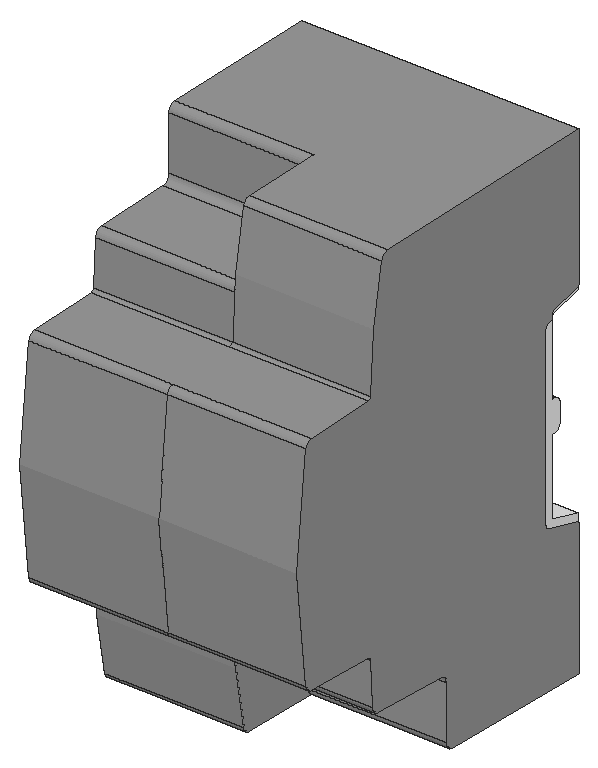
Revit family "BC_COMATEC_Alimentation-régulée-AL12-2DIN_LOD200", category Installations électriques, Revit 2017
Family settings
  Conserver l'orientation des annotations = Non
  Cote de connecteur circulaire = Utiliser le diamètre
  Type d'élément = Normal
  Numéro OmniClass = 23.80.00.00
  Titre OmniClass = Electric Power and Lighting
  Basée sur le plan de construction = Non
  Toujours verticalement = Oui
  Couper avec des vides une fois chargée = Non
  Partagée = Non
  Point de calcul de pièce = Non
Parameters (values of type "Alimentation régulée AL12/2DIN")
  Valeur Haute de la Plage de Tempérarure = 45 °C
  Valeur Basse de la Plage de Température = -10 °C
  Type de protection = "Surcharge d'entrée. Surcharge de sortie. Surtension de sortie. Court-circuits. Surtempérature"
  Type de Charge = "Générique"
  Type d'Alimentation = "à découpage type Flyback"
  Tension nominale de sortie = 12 V
  Tension de sortie maximum  = "SELV"
  Tension AC max = 240 V
  Tension AC Min = 100 V
  Temps d'installation = 0.05 h
  Signalement LED  = yes
  Sensibilité électromagnétique - EN55024 = "conforme"
  Rendement = 0.83
  Refroidissement = "Statique"
  Puissance de sortie  = 24 W
  Profondeur Hors Tout = 95 mm
  Plage d'Humidité de Fonctionnement = "0 à 90 %"
  Ondulation max de sortie = 90
  Norme de Sécurité = "EN62368"
  Nombre de modules = 3
  Modèle = "Alimentation régulée AL12/2DIN"
  Marque de Certification = "CE"
  Largeur Hors Tout = 53 mm
  Hauteur Hors Tout = 70 mm
  Fréquence minimale d'entrée  = 47 Hz
  Fréquence maximale d'entrée = 63 Hz
  Fabricant = "COMATEC"
  Emissions électromagnétiques - EN55032/B  = "conforme"
  Durée de Vie = 100000.0 h
  Directives RoHS - Dir. 2009/125/ECDir. 2011/65/EU Dir. 2015/863 EN50581 = "conforme"
  Directives ErP - Dir. 2011/65/EU Dir. 2015/863 EN50581 = "conforme"
  Description = "Alimentation éléctrique"
  Cycle d'utilisation = "Permanent"
  Courant à vide en entrée = 0.2
  Courant nominal en sortie = 2 A
  Courant d'absorption max en entrée = 0.6 A
  Courant d'Appel = 20 A
  Correction du facteur de puissance = no
  Consommation = 1.95 W
  Compatibilité électromagnétique - EN61000-3-2(3) = "conforme"
  Commentaires du type = "Rail-Din pour tableaux domotique"
  Assembly Code = ""
  Code Produit = "AL122DINRD"
  Classe d'isolation électrique = "Classe II"
  Altitude de Fonctionnement = 2000000 mm
Reference planes
  plane 1 "Centre (avant/arrière)": y = 0
  plane 2: z = 0
  plane 3 "Centre (gauche/droite)": x = 0
Forms (mm)
  Extrusion 1, solid, material "Plastique ABS"
    sketch origin (0, 0, 0.041) x (0, -1, 0) y (0, 0, -1)
      loop
        line (0, -47.459) -> (46.377, -46.649)
        arc (46.377, -46.649) -> (47.292, -46.318) -> (47.81, -45.495) r 1.5
        arc (47.81, -45.495) -> (49.795, -34.31) -> (50.499, -22.972) r 100
        arc (50.499, -22.972) -> (50.668, -22.557) -> (51.078, -22.375) r 0.6
        line (51.078, -22.375) -> (64.909, -21.892)
        arc (64.909, -21.892) -> (65.822, -21.542) -> (66.324, -20.704) r 1.5
        arc (66.324, -20.704) -> (68.5, 0.041) -> (66.324, 20.786) r 100
        arc (66.324, 20.786) -> (65.822, 21.624) -> (64.909, 21.974) r 1.5
        line (64.909, 21.974) -> (51.078, 22.457)
        arc (51.078, 22.457) -> (50.668, 22.639) -> (50.499, 23.054) r 0.6
        arc (50.499, 23.054) -> (50.385, 27.333) -> (50.089, 31.604) r 100
        arc (50.089, 31.604) -> (49.625, 32.557) -> (48.647, 32.967) r 1.5
        line (48.647, 32.967) -> (33.648, 33.491)
        arc (33.648, 33.491) -> (32.621, 33.948) -> (32.2, 34.99) r 1.5
        line (32.2, 34.99) -> (32.2, 45.505)
        arc (32.2, 45.505) -> (31.77, 46.556) -> (30.726, 47.005) r 1.5
        line (30.726, 47.005) -> (0, 47.541) -> (0, 21.54)
        arc (0, 21.54) -> (0.124, 21.175) -> (0.445, 20.96) r 0.6
        line (0.445, 20.96) -> (7.357, 19.108)
        arc (7.357, 19.108) -> (7.892, 18.751) -> (8.098, 18.142) r 1
        line (8.098, 18.142) -> (8.098, -15.872)
        arc (8.098, -15.872) -> (7.892, -16.48) -> (7.357, -16.838) r 1
        line (7.357, -16.838) -> (6.6, -17.04) -> (6.6, -17.88)
        arc (6.6, -17.88) -> (6.476, -18.245) -> (6.155, -18.46) r 0.6
        line (6.155, -18.46) -> (0.445, -19.99)
        arc (0.445, -19.99) -> (0.124, -20.204) -> (0, -20.569) r 0.6
        line (0, -20.569) -> (0, -47.459)
    from 0 to 27
  Extrusion 2, solid, material "Aluminium"
    sketch origin (0, 0, 46.541) x (0, -1, 0) y (0, 0, -1)
      loop
        arc (6.055, 64.445) -> (6.376, 64.231) -> (6.5, 63.866) r 0.6
        line (6.5, 63.866) -> (6.5, 49.557) -> (5.7, 49.557)
        arc (5.7, 49.557) -> (4.851, 49.206) -> (4.5, 48.357) r 1.2
        line (4.5, 48.357) -> (4.5, 44.757)
        arc (4.5, 44.757) -> (4.851, 43.909) -> (5.7, 43.557) r 1.2
        line (5.7, 43.557) -> (6.5, 43.557) -> (6.5, 29.258)
        arc (6.5, 29.258) -> (6.376, 28.892) -> (6.055, 28.678) r 0.6
        line (6.055, 28.678) -> (0, 27.055) -> (0, 25.931)
        arc (0, 25.931) -> (0.124, 26.296) -> (0.445, 26.51) r 0.6
        line (0.445, 26.51) -> (8.098, 28.561) -> (8.098, 64.642)
        arc (8.098, 64.642) -> (7.892, 65.251) -> (7.357, 65.608) r 1
        line (7.357, 65.608) -> (0.445, 67.46)
        arc (0.445, 67.46) -> (0.124, 67.675) -> (0, 68.04) r 0.6
        line (0, 68.04) -> (0, 66.068) -> (6.055, 64.445)
    from -26.9 to 26.9
  Extrusion 3, solid, material "Plastique ABS"
    sketch origin (4267.2, -0.3, -52.021) x (0, 0, 1) y (1, 0, 0)
      loop
        arc (-0.779, -4274.32) -> (-0.632, -4274.673) -> (-0.279, -4274.82) r 0.5
        line (-0.279, -4274.82) -> (0.555, -4274.82)
        arc (0.555, -4274.82) -> (0.912, -4274.675) -> (1.061, -4274.32) r 0.5
        line (1.061, -4274.32) -> (1.061, -4273.52)
        arc (1.061, -4273.52) -> (1.207, -4273.166) -> (1.561, -4273.02) r 0.5
        line (1.561, -4273.02) -> (2.718, -4273.02)
        arc (2.718, -4273.02) -> (3.072, -4273.166) -> (3.218, -4273.52) r 0.5
        line (3.218, -4273.52) -> (3.218, -4274.32)
        arc (3.218, -4274.32) -> (3.367, -4274.675) -> (3.724, -4274.82) r 0.5
        line (3.724, -4274.82) -> (4.656, -4274.82) -> (4.656, -4259.58) -> (3.724, -4259.58)
        arc (3.724, -4259.58) -> (3.367, -4259.725) -> (3.218, -4260.08) r 0.5
        line (3.218, -4260.08) -> (3.218, -4260.88)
        arc (3.218, -4260.88) -> (3.072, -4261.234) -> (2.718, -4261.38) r 0.5
        line (2.718, -4261.38) -> (1.561, -4261.38)
        arc (1.561, -4261.38) -> (1.207, -4261.234) -> (1.061, -4260.88) r 0.5
        line (1.061, -4260.88) -> (1.061, -4260.08)
        arc (1.061, -4260.08) -> (0.912, -4259.725) -> (0.555, -4259.58) r 0.5
        line (0.555, -4259.58) -> (-0.279, -4259.58)
        arc (-0.279, -4259.58) -> (-0.632, -4259.727) -> (-0.779, -4260.08) r 0.5
        line (-0.779, -4260.08) -> (-0.779, -4274.32)
      loop
        line (0.861, -4263.538) -> (0.861, -4270.855)
        arc (0.861, -4270.855) -> (1.007, -4271.209) -> (1.361, -4271.355) r 0.5
        line (1.361, -4271.355) -> (2.718, -4271.355)
        arc (2.718, -4271.355) -> (3.072, -4271.209) -> (3.218, -4270.855) r 0.5
        line (3.218, -4270.855) -> (3.218, -4263.545)
        arc (3.218, -4263.545) -> (3.072, -4263.191) -> (2.718, -4263.045) r 0.5
        line (2.718, -4263.045) -> (1.361, -4263.045)
        arc (1.361, -4263.045) -> (1.007, -4263.191) -> (0.861, -4263.538) r 0.5
    from 0 to -5.303
  Extrusion 4, solid, material "Plastique ABS"
    sketch origin (0, 0, 0.041) x (0, -1, 0) y (0, 0, -1)
      loop
        line (0, -47.459) -> (30.726, -46.923)
        arc (30.726, -46.923) -> (31.77, -46.474) -> (32.2, -45.423) r 1.5
        line (32.2, -45.423) -> (32.2, -34.907)
        arc (32.2, -34.907) -> (32.621, -33.865) -> (33.648, -33.408) r 1.5
        line (33.648, -33.408) -> (48.647, -32.885)
        arc (48.647, -32.885) -> (49.625, -32.475) -> (50.089, -31.521) r 1.5
        arc (50.089, -31.521) -> (50.385, -27.251) -> (50.499, -22.972) r 100
        arc (50.499, -22.972) -> (50.668, -22.557) -> (51.078, -22.375) r 0.6
        line (51.078, -22.375) -> (64.909, -21.892)
        arc (64.909, -21.892) -> (65.822, -21.542) -> (66.324, -20.704) r 1.5
        arc (66.324, -20.704) -> (68.5, 0.041) -> (66.324, 20.786) r 100
        arc (66.324, 20.786) -> (65.822, 21.624) -> (64.909, 21.974) r 1.5
        line (64.909, 21.974) -> (51.078, 22.457)
        arc (51.078, 22.457) -> (50.668, 22.639) -> (50.499, 23.054) r 0.6
        arc (50.499, 23.054) -> (49.795, 34.392) -> (47.81, 45.577) r 100
        arc (47.81, 45.577) -> (47.292, 46.4) -> (46.377, 46.732) r 1.5
        line (46.377, 46.732) -> (0, 47.541) -> (0, 21.54)
        arc (0, 21.54) -> (0.124, 21.175) -> (0.445, 20.96) r 0.6
        line (0.445, 20.96) -> (7.357, 19.108)
        arc (7.357, 19.108) -> (7.892, 18.751) -> (8.098, 18.142) r 1
        line (8.098, 18.142) -> (8.098, -15.872)
        arc (8.098, -15.872) -> (7.892, -16.48) -> (7.357, -16.838) r 1
        line (7.357, -16.838) -> (6.6, -17.04) -> (6.6, -17.88)
        arc (6.6, -17.88) -> (6.476, -18.245) -> (6.155, -18.46) r 0.6
        line (6.155, -18.46) -> (0.445, -19.99)
        arc (0.445, -19.99) -> (0.124, -20.204) -> (0, -20.569) r 0.6
        line (0, -20.569) -> (0, -47.459)
    from 0 to -27
  Extrusion 5, solid, not visible
    sketch origin (0, 0, -47.5) x (0, -0.999848, 0.017452) y (-1, 0, 0)
      loop
        circle (18.297, -16.01) r 1
    from 0 to -1
  Extrusion 6, solid, not visible
    sketch origin (0, 0, 47.5) x (0, -0.999848, -0.017452) y (1, 0, 0)
      loop
        circle (18.297, -15.968) r 1
    from 0 to -1
Cuts and joins
  joined: Extrusion 1, Extrusion 4
Lines and regions (mm)
  model lines
    curve 1: line (12.886, -32.2, -39.141) -> (9.092, -32.2, -39.141)
    curve 2: line (9.113, -32.2, -39.941) -> (12.907, -32.2, -39.941)
    curve 3: line (17.886, -32.2, -39.141) -> (14.092, -32.2, -39.141)
    curve 4: line (14.113, -32.2, -39.941) -> (17.907, -32.2, -39.941)
    curve 5: line (7.886, -32.2, -39.141) -> (4.092, -32.2, -39.141)
    curve 6: line (4.113, -32.2, -39.941) -> (7.907, -32.2, -39.941)
    curve 7: line (22.886, -32.2, -39.141) -> (19.092, -32.2, -39.141)
    curve 8: line (19.113, -32.2, -39.941) -> (22.907, -32.2, -39.941)
    curve 9: line (-12.886, -32.2, 39.141) -> (-9.092, -32.2, 39.141)
    curve 10: line (-9.113, -32.2, 39.941) -> (-12.907, -32.2, 39.941)
    curve 11: line (-7.886, -32.2, 39.141) -> (-4.092, -32.2, 39.141)
    curve 12: line (-4.113, -32.2, 39.941) -> (-7.907, -32.2, 39.941)
    curve 13: line (23.299, -13.507, -47.264) -> (3.701, -13.507, -47.264)
    curve 14: spline (23.999, -14.207, -47.252) -> (23.993, -14.115, -47.254) -> (23.975, -14.026, -47.255) -> (23.945, -13.939, -47.257) -> (23.905, -13.857, -47.258) -> (23.854, -13.781, -47.259) -> (23.794, -13.712, -47.261) -> (23.725, -13.652, -47.262) -> (23.649, -13.601, -47.263) -> (23.567, -13.56, -47.263) -> (23.48, -13.531, -47.264) -> (23.39, -13.513, -47.264) -> (23.299, -13.507, -47.264)
    curve 15: line (23.999, -21.663, -47.122) -> (23.999, -14.207, -47.252)
    curve 16: spline (23.299, -22.363, -47.11) -> (23.39, -22.357, -47.11) -> (23.48, -22.339, -47.11) -> (23.567, -22.31, -47.111) -> (23.649, -22.269, -47.111) -> (23.725, -22.218, -47.112) -> (23.794, -22.158, -47.113) -> (23.854, -22.089, -47.114) -> (23.905, -22.013, -47.116) -> (23.945, -21.931, -47.117) -> (23.975, -21.845, -47.119) -> (23.993, -21.755, -47.12) -> (23.999, -21.663, -47.122)
    curve 17: line (3.701, -22.363, -47.11) -> (23.299, -22.363, -47.11)
    curve 18: spline (3.701, -13.507, -47.264) -> (3.609, -13.513, -47.264) -> (3.519, -13.531, -47.264) -> (3.433, -13.56, -47.263) -> (3.351, -13.601, -47.263) -> (3.275, -13.652, -47.262) -> (3.206, -13.712, -47.261) -> (3.145, -13.781, -47.259) -> (3.094, -13.857, -47.258) -> (3.054, -13.939, -47.257) -> (3.024, -14.026, -47.255) -> (3.007, -14.115, -47.254) -> (3.001, -14.207, -47.252)
    curve 19: line (3.001, -14.207, -47.252) -> (3.001, -21.663, -47.122)
    curve 20: spline (3.001, -21.663, -47.122) -> (3.007, -21.755, -47.12) -> (3.024, -21.845, -47.119) -> (3.054, -21.931, -47.117) -> (3.094, -22.013, -47.116) -> (3.145, -22.089, -47.114) -> (3.206, -22.158, -47.113) -> (3.275, -22.218, -47.112) -> (3.351, -22.269, -47.111) -> (3.433, -22.31, -47.111) -> (3.519, -22.339, -47.11) -> (3.609, -22.357, -47.11) -> (3.701, -22.363, -47.11)
    curve 21: spline (4.001, -21.863, -47.118) -> (3.935, -21.859, -47.118) -> (3.871, -21.846, -47.119) -> (3.809, -21.825, -47.119) -> (3.751, -21.796, -47.12) -> (3.696, -21.76, -47.12) -> (3.647, -21.717, -47.121) -> (3.604, -21.668, -47.122) -> (3.568, -21.613, -47.123) -> (3.539, -21.555, -47.124) -> (3.518, -21.493, -47.125) -> (3.505, -21.429, -47.126) -> (3.501, -21.364, -47.127)
    curve 22: line (4.001, -21.863, -47.118) -> (22.999, -21.863, -47.118)
    curve 23: line (3.501, -14.507, -47.247) -> (3.501, -21.364, -47.127)
    curve 24: spline (4.001, -14.007, -47.256) -> (3.935, -14.011, -47.255) -> (3.871, -14.024, -47.255) -> (3.809, -14.045, -47.255) -> (3.751, -14.074, -47.254) -> (3.696, -14.11, -47.254) -> (3.647, -14.153, -47.253) -> (3.604, -14.202, -47.252) -> (3.568, -14.257, -47.251) -> (3.539, -14.315, -47.25) -> (3.518, -14.377, -47.249) -> (3.505, -14.441, -47.248) -> (3.501, -14.507, -47.247)
    curve 25: line (4.001, -14.007, -47.256) -> (22.999, -14.007, -47.256)
    curve 26: spline (22.999, -14.007, -47.256) -> (23.064, -14.011, -47.255) -> (23.128, -14.024, -47.255) -> (23.19, -14.045, -47.255) -> (23.249, -14.074, -47.254) -> (23.303, -14.11, -47.254) -> (23.352, -14.153, -47.253) -> (23.395, -14.202, -47.252) -> (23.432, -14.257, -47.251) -> (23.461, -14.315, -47.25) -> (23.482, -14.377, -47.249) -> (23.494, -14.441, -47.248) -> (23.499, -14.507, -47.247)
    curve 27: line (23.499, -21.364, -47.127) -> (23.499, -14.507, -47.247)
    curve 28: spline (22.999, -21.863, -47.118) -> (23.064, -21.859, -47.118) -> (23.128, -21.846, -47.119) -> (23.19, -21.825, -47.119) -> (23.249, -21.796, -47.12) -> (23.303, -21.76, -47.12) -> (23.352, -21.717, -47.121) -> (23.395, -21.668, -47.122) -> (23.432, -21.613, -47.123) -> (23.461, -21.555, -47.124) -> (23.482, -21.493, -47.125) -> (23.494, -21.429, -47.126) -> (23.499, -21.364, -47.127)
    curve 29: line (22.41, -16.895, -47.205) -> (19.61, -16.895, -47.205)
    curve 30: line (22.41, -19.694, -47.156) -> (22.41, -16.895, -47.205)
    curve 31: line (19.61, -19.694, -47.156) -> (22.41, -19.694, -47.156)
    curve 32: line (19.61, -16.895, -47.205) -> (19.61, -19.694, -47.156)
    curve 33: line (17.41, -19.694, -47.156) -> (17.41, -16.895, -47.205)
    curve 34: line (17.41, -16.895, -47.205) -> (14.61, -16.895, -47.205)
    curve 35: line (14.61, -16.895, -47.205) -> (14.61, -19.694, -47.156)
    curve 36: line (14.61, -19.694, -47.156) -> (17.41, -19.694, -47.156)
    curve 37: line (12.389, -19.694, -47.156) -> (12.389, -16.895, -47.205)
    curve 38: line (12.389, -16.895, -47.205) -> (9.589, -16.895, -47.205)
    curve 39: line (9.589, -16.895, -47.205) -> (9.589, -19.694, -47.156)
    curve 40: line (9.589, -19.694, -47.156) -> (12.389, -19.694, -47.156)
    curve 41: line (4.61, -19.694, -47.156) -> (7.41, -19.694, -47.156)
    curve 42: line (7.41, -19.694, -47.156) -> (7.41, -16.895, -47.205)
    curve 43: line (7.41, -16.895, -47.205) -> (4.61, -16.895, -47.205)
    curve 44: line (4.61, -16.895, -47.205) -> (4.61, -19.694, -47.156)
    curve 45: line (-3.701, -22.363, 47.11) -> (-23.299, -22.363, 47.11)
    curve 46: spline (-23.299, -22.363, 47.11) -> (-23.39, -22.357, 47.11) -> (-23.48, -22.339, 47.11) -> (-23.567, -22.31, 47.111) -> (-23.649, -22.269, 47.111) -> (-23.725, -22.218, 47.112) -> (-23.794, -22.158, 47.113) -> (-23.854, -22.089, 47.114) -> (-23.905, -22.013, 47.116) -> (-23.945, -21.931, 47.117) -> (-23.975, -21.845, 47.119) -> (-23.993, -21.755, 47.12) -> (-23.999, -21.663, 47.122)
    curve 47: line (-23.999, -21.663, 47.122) -> (-23.999, -14.207, 47.252)
    curve 48: spline (-23.999, -14.207, 47.252) -> (-23.993, -14.115, 47.254) -> (-23.975, -14.026, 47.255) -> (-23.945, -13.939, 47.257) -> (-23.905, -13.857, 47.258) -> (-23.854, -13.781, 47.259) -> (-23.794, -13.712, 47.261) -> (-23.725, -13.652, 47.262) -> (-23.649, -13.601, 47.263) -> (-23.567, -13.56, 47.263) -> (-23.48, -13.531, 47.264) -> (-23.39, -13.513, 47.264) -> (-23.299, -13.507, 47.264)
    curve 49: line (-23.299, -13.507, 47.264) -> (-3.701, -13.507, 47.264)
    curve 50: line (-4.001, -14.007, 47.256) -> (-22.999, -14.007, 47.256)
    curve 51: spline (-22.999, -14.007, 47.256) -> (-23.064, -14.011, 47.255) -> (-23.128, -14.024, 47.255) -> (-23.19, -14.045, 47.255) -> (-23.249, -14.074, 47.254) -> (-23.303, -14.11, 47.254) -> (-23.352, -14.153, 47.253) -> (-23.395, -14.202, 47.252) -> (-23.432, -14.257, 47.251) -> (-23.461, -14.315, 47.25) -> (-23.482, -14.377, 47.249) -> (-23.494, -14.441, 47.248) -> (-23.499, -14.507, 47.247)
    curve 52: line (-23.499, -21.364, 47.127) -> (-23.499, -14.507, 47.247)
    curve 53: spline (-22.999, -21.863, 47.118) -> (-23.064, -21.859, 47.118) -> (-23.128, -21.846, 47.119) -> (-23.19, -21.825, 47.119) -> (-23.249, -21.796, 47.12) -> (-23.303, -21.76, 47.12) -> (-23.352, -21.717, 47.121) -> (-23.395, -21.668, 47.122) -> (-23.432, -21.613, 47.123) -> (-23.461, -21.555, 47.124) -> (-23.482, -21.493, 47.125) -> (-23.494, -21.429, 47.126) -> (-23.499, -21.364, 47.127)
    curve 54: line (-4.001, -21.863, 47.118) -> (-22.999, -21.863, 47.118)
    curve 55: spline (-4.001, -21.863, 47.118) -> (-3.935, -21.859, 47.118) -> (-3.871, -21.846, 47.119) -> (-3.809, -21.825, 47.119) -> (-3.751, -21.796, 47.12) -> (-3.696, -21.76, 47.12) -> (-3.647, -21.717, 47.121) -> (-3.604, -21.668, 47.122) -> (-3.568, -21.613, 47.123) -> (-3.539, -21.555, 47.124) -> (-3.518, -21.493, 47.125) -> (-3.505, -21.429, 47.126) -> (-3.501, -21.364, 47.127)
    curve 56: line (-3.501, -14.507, 47.247) -> (-3.501, -21.364, 47.127)
    curve 57: spline (-4.001, -14.007, 47.256) -> (-3.935, -14.011, 47.255) -> (-3.871, -14.024, 47.255) -> (-3.809, -14.045, 47.255) -> (-3.751, -14.074, 47.254) -> (-3.696, -14.11, 47.254) -> (-3.647, -14.153, 47.253) -> (-3.604, -14.202, 47.252) -> (-3.568, -14.257, 47.251) -> (-3.539, -14.315, 47.25) -> (-3.518, -14.377, 47.249) -> (-3.505, -14.441, 47.248) -> (-3.501, -14.507, 47.247)
    curve 58: spline (-3.701, -13.507, 47.264) -> (-3.609, -13.513, 47.264) -> (-3.519, -13.531, 47.264) -> (-3.433, -13.56, 47.263) -> (-3.351, -13.601, 47.263) -> (-3.275, -13.652, 47.262) -> (-3.206, -13.712, 47.261) -> (-3.145, -13.781, 47.259) -> (-3.094, -13.857, 47.258) -> (-3.054, -13.939, 47.257) -> (-3.024, -14.026, 47.255) -> (-3.007, -14.115, 47.254) -> (-3.001, -14.207, 47.252)
    curve 59: line (-3.001, -14.207, 47.252) -> (-3.001, -21.663, 47.122)
    curve 60: spline (-3.001, -21.663, 47.122) -> (-3.007, -21.755, 47.12) -> (-3.024, -21.845, 47.119) -> (-3.054, -21.931, 47.117) -> (-3.094, -22.013, 47.116) -> (-3.145, -22.089, 47.114) -> (-3.206, -22.158, 47.113) -> (-3.275, -22.218, 47.112) -> (-3.351, -22.269, 47.111) -> (-3.433, -22.31, 47.111) -> (-3.519, -22.339, 47.11) -> (-3.609, -22.357, 47.11) -> (-3.701, -22.363, 47.11)
    curve 61: line (-4.61, -19.694, 47.156) -> (-7.41, -19.694, 47.156)
    curve 62: line (-7.41, -19.694, 47.156) -> (-7.41, -16.895, 47.205)
    curve 63: line (-7.41, -16.895, 47.205) -> (-4.61, -16.895, 47.205)
    curve 64: line (-4.61, -16.895, 47.205) -> (-4.61, -19.694, 47.156)
    curve 65: line (-9.589, -16.895, 47.205) -> (-9.589, -19.694, 47.156)
    curve 66: line (-9.589, -19.694, 47.156) -> (-12.389, -19.694, 47.156)
    curve 67: line (-12.389, -19.694, 47.156) -> (-12.389, -16.895, 47.205)
    curve 68: line (-12.389, -16.895, 47.205) -> (-9.589, -16.895, 47.205)
    curve 69: arc (6.001, -32.2, -42.541) -> (3.001, -32.2, -39.541) -> (6.001, -32.2, -36.541) r 3
    curve 70: arc (20.999, -32.2, -36.541) -> (23.999, -32.2, -39.541) -> (20.999, -32.2, -42.541) r 3
    curve 71: line (6.001, -32.2, -36.541) -> (20.999, -32.2, -36.541)
    curve 72: line (6.001, -32.2, -42.541) -> (20.999, -32.2, -42.541)
    curve 73: arc (6.001, -32.2, -42.041) -> (3.501, -32.2, -39.541) -> (6.001, -32.2, -37.041) r 2.5
    curve 74: arc (20.999, -32.2, -37.041) -> (23.499, -32.2, -39.541) -> (20.999, -32.2, -42.041) r 2.5
    curve 75: line (20.999, -32.2, -37.041) -> (6.001, -32.2, -37.041)
    curve 76: line (20.999, -32.2, -42.041) -> (6.001, -32.2, -42.041)
    curve 77: circle (11, -32.2, -39.541) r 1.95 normal (0, 1, 0)
    curve 78: circle (16, -32.2, -39.541) r 1.95 normal (0, 1, 0)
    curve 79: circle (6, -32.2, -39.541) r 1.95 normal (0, 1, 0)
    curve 80: circle (21, -32.2, -39.541) r 1.95 normal (0, 1, 0)
    curve 81: arc (-6.001, -32.2, 42.541) -> (-3.001, -32.2, 39.541) -> (-6.001, -32.2, 36.541) r 3
    curve 82: arc (-20.999, -32.2, 36.541) -> (-23.999, -32.2, 39.541) -> (-20.999, -32.2, 42.541) r 3
    curve 83: line (-6.001, -32.2, 36.541) -> (-20.999, -32.2, 36.541)
    curve 84: line (-6.001, -32.2, 42.541) -> (-20.999, -32.2, 42.541)
    curve 85: arc (-6.001, -32.2, 42.041) -> (-3.501, -32.2, 39.541) -> (-6.001, -32.2, 37.041) r 2.5
    curve 86: arc (-20.999, -32.2, 37.041) -> (-23.499, -32.2, 39.541) -> (-20.999, -32.2, 42.041) r 2.5
    curve 87: line (-20.999, -32.2, 37.041) -> (-6.001, -32.2, 37.041)
    curve 88: line (-20.999, -32.2, 42.041) -> (-6.001, -32.2, 42.041)
    curve 89: circle (-11, -32.2, 39.541) r 1.95 normal (0, 1, 0)
    curve 90: circle (-6, -32.2, 39.541) r 1.95 normal (0, 1, 0)
    curve 91: line (-14.568, -16.895, 47.205) -> (-14.568, -19.694, 47.156)
    curve 92: line (-14.568, -19.694, 47.156) -> (-17.368, -19.694, 47.156)
    curve 93: line (-17.368, -19.694, 47.156) -> (-17.368, -16.895, 47.205)
    curve 94: line (-17.368, -16.895, 47.205) -> (-14.568, -16.895, 47.205)
    curve 95: line (-19.547, -16.895, 47.205) -> (-19.547, -19.694, 47.156)
    curve 96: line (-19.547, -19.694, 47.156) -> (-22.347, -19.694, 47.156)
    curve 97: line (-22.347, -19.694, 47.156) -> (-22.347, -16.895, 47.205)
    curve 98: line (-22.347, -16.895, 47.205) -> (-19.547, -16.895, 47.205)
    curve 99: line (-17.886, -32.2, 39.141) -> (-14.092, -32.2, 39.141)
    curve 100: line (-14.113, -32.2, 39.941) -> (-17.907, -32.2, 39.941)
    curve 101: circle (-16, -32.2, 39.541) r 1.95 normal (0, 1, 0)
    curve 102: line (-22.886, -32.2, 39.141) -> (-19.092, -32.2, 39.141)
    curve 103: line (-19.113, -32.2, 39.941) -> (-22.907, -32.2, 39.941)
    curve 104: circle (-21, -32.2, 39.541) r 1.95 normal (0, 1, 0)
Dimensions and locks
  aligned and locked: level to plane 2
Connectors
  electrical at (16.01, -18.294, -47.181)
    settings: on Extrusion 5, index 2, voltage 0 V, apparent load 0 VA, apparent load phase1 0 VA, apparent load phase2 0 VA, apparent load phase3 0 VA, power factor 1, load classification "Autre", number of poles 1, system type 31, power factor state 1, is connector primary yes, connector utility no, sub classification motor no, connector description "Input"
  electrical at (-15.968, -18.294, 47.181)
    settings: on Extrusion 6, index 7, voltage 0 V, apparent load 0 VA, apparent load phase1 0 VA, apparent load phase2 0 VA, apparent load phase3 0 VA, power factor 1, load classification "Autre", number of poles 1, system type 31, power factor state 1, is connector primary no, connector utility no, sub classification motor no, connector description "Output"
